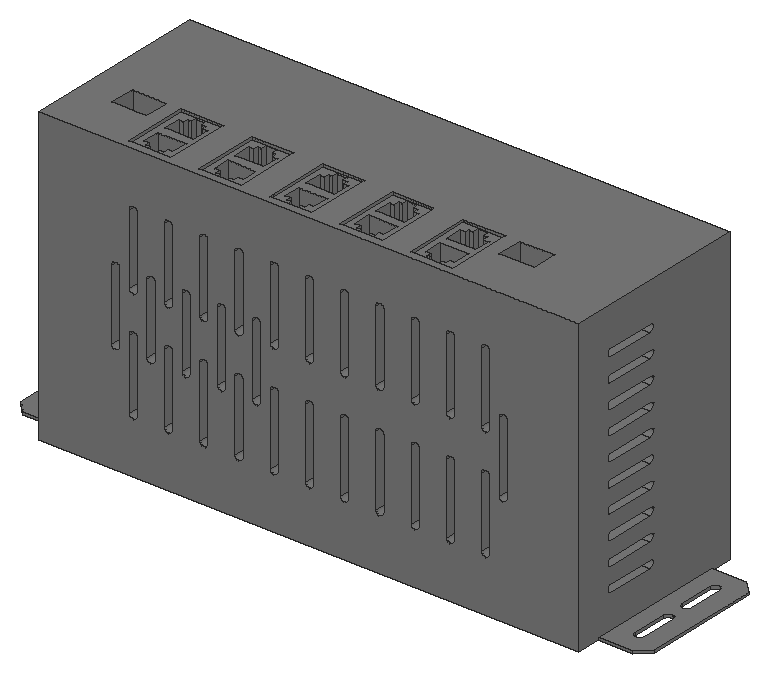
Revit family "БКМ10П_RV17_LOD400 (05.11.23)", category Электрооборудование, Revit 2017
Family settings
  Конфигурация панели = Два столбца, слева направо
  Размер круглого соединителя = Использовать диаметр
  Тип детали = Щит
  На основе рабочей плоскости = Да
  Всегда вертикально = Нет
  При загрузке вырезать с полостями = Нет
  Общий = Нет
  Точка расчета площади = Нет
Parameters (values of type "БКМ10П")
  Тип разъема = "2xLC"
  Тип кабеля = "SМ 9/125 μm"
  Суммарная мощность подключаемых устройств по РоЕ, Вт = 251
  Стандарт РоЕ = "IEEE 802.3 af/at"
  Смещение_УГО_Y [instance] = 0 mm
  Смещение_УГО_X [instance] = 0 mm
  Скорость передачи данных, Мбит/с SFP (оптический порт) = 1000
  Скорость передачи данных, Мбит/с Ethernet (8P8C) = "10/100/1000"
  Расстояние передачи данных (информации), дальность действия по оптическому кабелю , м = "до 20000"
  Расстояние передачи данных (информации), дальность действия по кабелю UTP-5e, м = "до 100"
  Раздел проекта [instance] = ""
  Раздел Спецификации [instance] = ""
  Рабочая длина волны, нм = 1310 mm
  Потребляемая мощность, не более, Вт = 350
  Default Elevation = 1219.2 mm
  Напряжение электропитания однофазной сети переменного тока, В /Гц = "180-264 / 47-63"
  Мощность = "25"
  Количество разъемов, шт.  SFP = 2
  Количество разъемов, шт.  8P8C = 10
  Количество коммутируемых портов Auto MDI/MDIX с поддержкой РоЕ, шт. = 10
  Диапазон рабочих температур, °С = "от – 40 до + 50"
  Время непрерывной работы, ч = "круглосуточно"
  В_Смещение_УГО_Y [instance] = Смещение_УГО_Y + 2000 mm  # 2000 mm
  В_Смещение_УГО_X [instance] = Смещение_УГО_X + 2000 mm  # 2000 mm
  d_короба = 20 mm
  ADSK_Размер_Длина = 270 mm
  ADSK_Размер_Глубина = 125 mm
  ADSK_Размер_Высота = 80 mm
  ADSK_Примечание = ""
  ADSK_Наименование = "Коммутатор БКМ10П"
  ADSK_Масса = 3.5
  ADSK_Марка = "СТВФ.426471.185"
  ADSK_Количество = 1
  ADSK_Завод-изготовитель = "ООО «Основа Безопасности»"  # constant formula
  ADSK_Единица измерения = "шт."  # constant formula
  ADSK_URL страницы изделия = "https://stilsoft.ru/products/bkm10p"
  ADSK_URL документации изделия = ""
Reference planes
  plane 1 "По центру (Вперед/Назад)": y = 0
  plane 2: z = 0
  plane 3 "По центру (Влево/Вправо)": x = 0
  plane 4: y = 2000
  plane 5: x = -2000
  plane 6: x = 0
  plane 7: y = 0
  plane 8: x = 135
  plane 9: x = -135
  plane 10: x = 115
  plane 11 "2": x = -115
Forms (mm)
  Extrusion 1, solid, material "По умолчанию", detail levels medium+fine
    sketch origin (0, 40.193, 0) x (0, -1, 0) y (1, 0, 0)
      loop
        line (80, -115) -> (80, 115) -> (0, 115) -> (0, -115) -> (80, -115)
    from 0 to 125
  Extrusion 2, solid, material "По умолчанию", detail levels medium+fine
    sketch origin (0, 40.193, 0) x (0, -1, 0) y (1, 0, 0)
      loop
        line (15, -135) -> (65, -135) -> (70, -130) -> (70, -115) -> (10, -115) -> (10, -130) -> (15, -135)
      loop
        line (45, -127) -> (60, -127)
        arc (60, -127) -> (62.1, -124.9) -> (60, -122.8) r 2.1
        line (60, -122.8) -> (45, -122.8)
        arc (45, -122.8) -> (42.9, -124.9) -> (45, -127) r 2.1
      loop
        arc (35, -127) -> (37.1, -124.9) -> (35, -122.8) r 2.1
        line (35, -122.8) -> (20, -122.8)
        arc (20, -122.8) -> (17.9, -124.9) -> (20, -127) r 2.1
        line (20, -127) -> (35, -127)
      loop
        line (15, 135) -> (10, 130) -> (10, 115) -> (70, 115) -> (70, 130) -> (65, 135) -> (15, 135)
      loop
        arc (45, 127) -> (42.9, 124.9) -> (45, 122.8) r 2.1
        line (45, 122.8) -> (60, 122.8)
        arc (60, 122.8) -> (62.1, 124.9) -> (60, 127) r 2.1
        line (60, 127) -> (45, 127)
      loop
        line (35, 127) -> (20, 127)
        arc (20, 127) -> (17.9, 124.9) -> (20, 122.8) r 2.1
        line (20, 122.8) -> (35, 122.8)
        arc (35, 122.8) -> (37.1, 124.9) -> (35, 127) r 2.1
    from 0 to 1
  Extrusion 3, void
    sketch origin (-20, 40.193, 0) x (1, 0, 0) y (0, 0, 1)
      loop
        arc (-84, 47.5) -> (-82.237, 45.737) -> (-80.474, 47.5) r 1.763
        line (-80.474, 47.5) -> (-80.474, 77.5)
        arc (-80.474, 77.5) -> (-82.237, 79.263) -> (-84, 77.5) r 1.763
        line (-84, 77.5) -> (-84, 47.5)
    from 0 to 15
  Extrusion 4, void
    sketch origin (-20, 40.193, 0) x (1, 0, 0) y (0, 0, 1)
      loop
        arc (-69, 47.5) -> (-67.237, 45.737) -> (-65.474, 47.5) r 1.763
        line (-65.474, 47.5) -> (-65.474, 77.5)
        arc (-65.474, 77.5) -> (-67.237, 79.263) -> (-69, 77.5) r 1.763
        line (-69, 77.5) -> (-69, 47.5)
    from 0 to 15
  Extrusion 5, void
    sketch origin (-20, 40.193, 0) x (1, 0, 0) y (0, 0, 1)
      loop
        arc (-54, 47.5) -> (-52.237, 45.737) -> (-50.474, 47.5) r 1.763
        line (-50.474, 47.5) -> (-50.474, 77.5)
        arc (-50.474, 77.5) -> (-52.237, 79.263) -> (-54, 77.5) r 1.763
        line (-54, 77.5) -> (-54, 47.5)
    from 0 to 15
  Extrusion 6, void
    sketch origin (-20, 40.193, 0) x (1, 0, 0) y (0, 0, 1)
      loop
        arc (-39, 47.5) -> (-37.237, 45.737) -> (-35.474, 47.5) r 1.763
        line (-35.474, 47.5) -> (-35.474, 77.5)
        arc (-35.474, 77.5) -> (-37.237, 79.263) -> (-39, 77.5) r 1.763
        line (-39, 77.5) -> (-39, 47.5)
    from 0 to 15
  Extrusion 7, void
    sketch origin (-20, 40.193, 0) x (1, 0, 0) y (0, 0, 1)
      loop
        arc (-24, 47.5) -> (-22.237, 45.737) -> (-20.474, 47.5) r 1.763
        line (-20.474, 47.5) -> (-20.474, 77.5)
        arc (-20.474, 77.5) -> (-22.237, 79.263) -> (-24, 77.5) r 1.763
        line (-24, 77.5) -> (-24, 47.5)
    from 0 to 15
  Extrusion 8, void
    sketch origin (75, 39.807, 77.25) x (-1, 0, 0) y (0, 0, 1)
      loop
        line (84, -29.75) -> (84, 0.25)
        arc (84, 0.25) -> (82.237, 2.013) -> (80.474, 0.25) r 1.763
        line (80.474, 0.25) -> (80.474, -29.75)
        arc (80.474, -29.75) -> (82.237, -31.513) -> (84, -29.75) r 1.763
    from 0 to -15
  Extrusion 9, void
    sketch origin (90, 39.807, 77.25) x (-1, 0, 0) y (0, 0, 1)
      loop
        line (84, -29.75) -> (84, 0.25)
        arc (84, 0.25) -> (82.237, 2.013) -> (80.474, 0.25) r 1.763
        line (80.474, 0.25) -> (80.474, -29.75)
        arc (80.474, -29.75) -> (82.237, -31.513) -> (84, -29.75) r 1.763
    from 0 to -15
  Extrusion 10, void
    sketch origin (105, 39.807, 77.25) x (-1, 0, 0) y (0, 0, 1)
      loop
        line (84, -29.75) -> (84, 0.25)
        arc (84, 0.25) -> (82.237, 2.013) -> (80.474, 0.25) r 1.763
        line (80.474, 0.25) -> (80.474, -29.75)
        arc (80.474, -29.75) -> (82.237, -31.513) -> (84, -29.75) r 1.763
    from 0 to -15
  Extrusion 11, void
    sketch origin (120, 39.807, 77.25) x (-1, 0, 0) y (0, 0, 1)
      loop
        line (84, -29.75) -> (84, 0.25)
        arc (84, 0.25) -> (82.237, 2.013) -> (80.474, 0.25) r 1.763
        line (80.474, 0.25) -> (80.474, -29.75)
        arc (80.474, -29.75) -> (82.237, -31.513) -> (84, -29.75) r 1.763
    from 0 to -15
  Extrusion 12, void
    sketch origin (135, 39.807, 77.25) x (-1, 0, 0) y (0, 0, 1)
      loop
        line (84, -29.75) -> (84, 0.25)
        arc (84, 0.25) -> (82.237, 2.013) -> (80.474, 0.25) r 1.763
        line (80.474, 0.25) -> (80.474, -29.75)
        arc (80.474, -29.75) -> (82.237, -31.513) -> (84, -29.75) r 1.763
    from 0 to -15
  Extrusion 13, void
    sketch origin (150, 39.807, 77.25) x (-1, 0, 0) y (0, 0, 1)
      loop
        line (84, -29.75) -> (84, 0.25)
        arc (84, 0.25) -> (82.237, 2.013) -> (80.474, 0.25) r 1.763
        line (80.474, 0.25) -> (80.474, -29.75)
        arc (80.474, -29.75) -> (82.237, -31.513) -> (84, -29.75) r 1.763
    from 0 to -15
  Extrusion 14, void
    sketch origin (165, -39.807, 0) x (-1, 0, 0) y (0, 0, -1)
      loop
        arc (84, -47.5) -> (82.237, -45.737) -> (80.474, -47.5) r 1.763
        line (80.474, -47.5) -> (80.474, -77.5)
        arc (80.474, -77.5) -> (82.237, -79.263) -> (84, -77.5) r 1.763
        line (84, -77.5) -> (84, -47.5)
    from 0 to -15
  Extrusion 15, void
    sketch origin (-20, 40.193, 0) x (1, 0, 0) y (0, 0, 1)
      loop
        line (-76.5, 53.625) -> (-76.5, 23.625)
        arc (-76.5, 23.625) -> (-74.737, 21.862) -> (-72.974, 23.625) r 1.763
        line (-72.974, 23.625) -> (-72.974, 53.625)
        arc (-72.974, 53.625) -> (-74.737, 55.388) -> (-76.5, 53.625) r 1.763
    from 0 to 15
  Extrusion 16, void, not visible
    sketch origin (0, 77.25, 0.385) x (0, 1, 0) y (-1, 0, 0)
      loop
        arc (-29.75, 84) -> (-31.513, 82.237) -> (-29.75, 80.474) r 1.763
        line (-29.75, 80.474) -> (0.25, 80.474)
        arc (0.25, 80.474) -> (2.013, 82.237) -> (0.25, 84) r 1.763
        line (0.25, 84) -> (-29.75, 84)
    from 0 to -15
  Extrusion 17, void
    sketch origin (-20, 40.193, 0) x (1, 0, 0) y (0, 0, 1)
      loop
        line (-61.5, 53.625) -> (-61.5, 23.625)
        arc (-61.5, 23.625) -> (-59.737, 21.862) -> (-57.974, 23.625) r 1.763
        line (-57.974, 23.625) -> (-57.974, 53.625)
        arc (-57.974, 53.625) -> (-59.737, 55.388) -> (-61.5, 53.625) r 1.763
    from 0 to 15
  Extrusion 18, void
    sketch origin (-20, 40.193, 0) x (1, 0, 0) y (0, 0, 1)
      loop
        line (-46.5, 53.625) -> (-46.5, 23.625)
        arc (-46.5, 23.625) -> (-44.737, 21.862) -> (-42.974, 23.625) r 1.763
        line (-42.974, 23.625) -> (-42.974, 53.625)
        arc (-42.974, 53.625) -> (-44.737, 55.388) -> (-46.5, 53.625) r 1.763
    from 0 to 15
  Extrusion 19, void
    sketch origin (-20, 40.193, 0) x (1, 0, 0) y (0, 0, 1)
      loop
        line (-31.5, 53.625) -> (-31.5, 23.625)
        arc (-31.5, 23.625) -> (-29.737, 21.862) -> (-27.974, 23.625) r 1.763
        line (-27.974, 23.625) -> (-27.974, 53.625)
        arc (-27.974, 53.625) -> (-29.737, 55.388) -> (-31.5, 53.625) r 1.763
    from 0 to 15
  Extrusion 20, void
    sketch origin (67.5, -39.807, 23.875) x (-1, 0, 0) y (0, 0, -1)
      loop
        arc (84, -47.5) -> (82.237, -45.737) -> (80.474, -47.5) r 1.763
        line (80.474, -47.5) -> (80.474, -77.5)
        arc (80.474, -77.5) -> (82.237, -79.263) -> (84, -77.5) r 1.763
        line (84, -77.5) -> (84, -47.5)
    from 0 to -15
  Extrusion 21, void
    sketch origin (67.5, -39.807, 23.875) x (-1, 0, 0) y (0, 0, -1)
      loop
        line (84, -29.75) -> (84, 0.25)
        arc (84, 0.25) -> (82.237, 2.013) -> (80.474, 0.25) r 1.763
        line (80.474, 0.25) -> (80.474, -29.75)
        arc (80.474, -29.75) -> (82.237, -31.513) -> (84, -29.75) r 1.763
    from 0 to -15
  Extrusion 22, void
    sketch origin (82.5, -39.807, 23.875) x (-1, 0, 0) y (0, 0, -1)
      loop
        arc (84, -47.5) -> (82.237, -45.737) -> (80.474, -47.5) r 1.763
        line (80.474, -47.5) -> (80.474, -77.5)
        arc (80.474, -77.5) -> (82.237, -79.263) -> (84, -77.5) r 1.763
        line (84, -77.5) -> (84, -47.5)
    from 0 to -15
  Extrusion 23, void
    sketch origin (82.5, -39.807, 23.875) x (-1, 0, 0) y (0, 0, -1)
      loop
        line (84, -29.75) -> (84, 0.25)
        arc (84, 0.25) -> (82.237, 2.013) -> (80.474, 0.25) r 1.763
        line (80.474, 0.25) -> (80.474, -29.75)
        arc (80.474, -29.75) -> (82.237, -31.513) -> (84, -29.75) r 1.763
    from 0 to -15
  Extrusion 24, void
    sketch origin (97.5, -39.807, 23.875) x (-1, 0, 0) y (0, 0, -1)
      loop
        arc (84, -47.5) -> (82.237, -45.737) -> (80.474, -47.5) r 1.763
        line (80.474, -47.5) -> (80.474, -77.5)
        arc (80.474, -77.5) -> (82.237, -79.263) -> (84, -77.5) r 1.763
        line (84, -77.5) -> (84, -47.5)
    from 0 to -15
  Extrusion 25, void
    sketch origin (97.5, -39.807, 23.875) x (-1, 0, 0) y (0, 0, -1)
      loop
        line (84, -29.75) -> (84, 0.25)
        arc (84, 0.25) -> (82.237, 2.013) -> (80.474, 0.25) r 1.763
        line (80.474, 0.25) -> (80.474, -29.75)
        arc (80.474, -29.75) -> (82.237, -31.513) -> (84, -29.75) r 1.763
    from 0 to -15
  Extrusion 26, void
    sketch origin (112.5, -39.807, 23.875) x (-1, 0, 0) y (0, 0, -1)
      loop
        arc (84, -47.5) -> (82.237, -45.737) -> (80.474, -47.5) r 1.763
        line (80.474, -47.5) -> (80.474, -77.5)
        arc (80.474, -77.5) -> (82.237, -79.263) -> (84, -77.5) r 1.763
        line (84, -77.5) -> (84, -47.5)
    from 0 to -15
  Extrusion 27, void
    sketch origin (112.5, -39.807, 23.875) x (-1, 0, 0) y (0, 0, -1)
      loop
        line (84, -29.75) -> (84, 0.25)
        arc (84, 0.25) -> (82.237, 2.013) -> (80.474, 0.25) r 1.763
        line (80.474, 0.25) -> (80.474, -29.75)
        arc (80.474, -29.75) -> (82.237, -31.513) -> (84, -29.75) r 1.763
    from 0 to -15
  Extrusion 28, void
    sketch origin (127.5, -39.807, 23.875) x (-1, 0, 0) y (0, 0, -1)
      loop
        arc (84, -47.5) -> (82.237, -45.737) -> (80.474, -47.5) r 1.763
        line (80.474, -47.5) -> (80.474, -77.5)
        arc (80.474, -77.5) -> (82.237, -79.263) -> (84, -77.5) r 1.763
        line (84, -77.5) -> (84, -47.5)
    from 0 to -15
  Extrusion 29, void
    sketch origin (127.5, -39.807, 23.875) x (-1, 0, 0) y (0, 0, -1)
      loop
        line (84, -29.75) -> (84, 0.25)
        arc (84, 0.25) -> (82.237, 2.013) -> (80.474, 0.25) r 1.763
        line (80.474, 0.25) -> (80.474, -29.75)
        arc (80.474, -29.75) -> (82.237, -31.513) -> (84, -29.75) r 1.763
    from 0 to -15
  Extrusion 30, void
    sketch origin (142.5, -39.807, 23.875) x (-1, 0, 0) y (0, 0, -1)
      loop
        arc (84, -47.5) -> (82.237, -45.737) -> (80.474, -47.5) r 1.763
        line (80.474, -47.5) -> (80.474, -77.5)
        arc (80.474, -77.5) -> (82.237, -79.263) -> (84, -77.5) r 1.763
        line (84, -77.5) -> (84, -47.5)
    from 0 to -15
  Extrusion 31, void
    sketch origin (142.5, -39.807, 23.875) x (-1, 0, 0) y (0, 0, -1)
      loop
        line (84, -29.75) -> (84, 0.25)
        arc (84, 0.25) -> (82.237, 2.013) -> (80.474, 0.25) r 1.763
        line (80.474, 0.25) -> (80.474, -29.75)
        arc (80.474, -29.75) -> (82.237, -31.513) -> (84, -29.75) r 1.763
    from 0 to -15
  Extrusion 32, void
    sketch origin (157.5, -39.807, 23.875) x (-1, 0, 0) y (0, 0, -1)
      loop
        arc (84, -47.5) -> (82.237, -45.737) -> (80.474, -47.5) r 1.763
        line (80.474, -47.5) -> (80.474, -77.5)
        arc (80.474, -77.5) -> (82.237, -79.263) -> (84, -77.5) r 1.763
        line (84, -77.5) -> (84, -47.5)
    from 0 to -15
  Extrusion 33, void
    sketch origin (157.5, -39.807, 23.875) x (-1, 0, 0) y (0, 0, -1)
      loop
        line (84, -29.75) -> (84, 0.25)
        arc (84, 0.25) -> (82.237, 2.013) -> (80.474, 0.25) r 1.763
        line (80.474, 0.25) -> (80.474, -29.75)
        arc (80.474, -29.75) -> (82.237, -31.513) -> (84, -29.75) r 1.763
    from 0 to -15
  Extrusion 34, void
    sketch origin (0, -39.807, 0) x (-1, 0, 0) y (0, 0, -1)
      loop
        arc (84, -47.5) -> (82.237, -45.737) -> (80.474, -47.5) r 1.763
        line (80.474, -47.5) -> (80.474, -77.5)
        arc (80.474, -77.5) -> (82.237, -79.263) -> (84, -77.5) r 1.763
        line (84, -77.5) -> (84, -47.5)
    from 0 to -15
  Extrusion 35, void
    sketch origin (0, -39.807, 0) x (1, 0, 0) y (0, 0, 1)
      loop
        arc (-69, 47.5) -> (-67.237, 45.737) -> (-65.474, 47.5) r 1.763
        line (-65.474, 47.5) -> (-65.474, 77.5)
        arc (-65.474, 77.5) -> (-67.237, 79.263) -> (-69, 77.5) r 1.763
        line (-69, 77.5) -> (-69, 47.5)
    from 0 to -15
  Extrusion 36, void
    sketch origin (0, -39.807, 0) x (1, 0, 0) y (0, 0, 1)
      loop
        arc (-54, 47.5) -> (-52.237, 45.737) -> (-50.474, 47.5) r 1.763
        line (-50.474, 47.5) -> (-50.474, 77.5)
        arc (-50.474, 77.5) -> (-52.237, 79.263) -> (-54, 77.5) r 1.763
        line (-54, 77.5) -> (-54, 47.5)
    from 0 to -15
  Extrusion 37, void
    sketch origin (0, -39.807, 0) x (1, 0, 0) y (0, 0, 1)
      loop
        arc (-39, 47.5) -> (-37.237, 45.737) -> (-35.474, 47.5) r 1.763
        line (-35.474, 47.5) -> (-35.474, 77.5)
        arc (-35.474, 77.5) -> (-37.237, 79.263) -> (-39, 77.5) r 1.763
        line (-39, 77.5) -> (-39, 47.5)
    from 0 to -15
  Extrusion 38, void
    sketch origin (0, -39.807, 0) x (1, 0, 0) y (0, 0, 1)
      loop
        arc (-24, 47.5) -> (-22.237, 45.737) -> (-20.474, 47.5) r 1.763
        line (-20.474, 47.5) -> (-20.474, 77.5)
        arc (-20.474, 77.5) -> (-22.237, 79.263) -> (-24, 77.5) r 1.763
        line (-24, 77.5) -> (-24, 47.5)
    from 0 to -15
  Extrusion 39, void
    sketch origin (0, -39.807, 0) x (1, 0, 0) y (0, 0, 1)
      loop
        arc (-76.5, 71.375) -> (-74.737, 69.612) -> (-72.974, 71.375) r 1.763
        line (-72.974, 71.375) -> (-72.974, 101.375)
        arc (-72.974, 101.375) -> (-74.737, 103.138) -> (-76.5, 101.375) r 1.763
        line (-76.5, 101.375) -> (-76.5, 71.375)
    from 0 to -15
  Extrusion 40, void
    sketch origin (0, -39.807, 0) x (1, 0, 0) y (0, 0, 1)
      loop
        line (-76.5, 53.625) -> (-76.5, 23.625)
        arc (-76.5, 23.625) -> (-74.737, 21.862) -> (-72.974, 23.625) r 1.763
        line (-72.974, 23.625) -> (-72.974, 53.625)
        arc (-72.974, 53.625) -> (-74.737, 55.388) -> (-76.5, 53.625) r 1.763
    from 0 to -15
  Extrusion 41, void
    sketch origin (0, -39.807, 0) x (1, 0, 0) y (0, 0, 1)
      loop
        arc (-61.5, 71.375) -> (-59.737, 69.612) -> (-57.974, 71.375) r 1.763
        line (-57.974, 71.375) -> (-57.974, 101.375)
        arc (-57.974, 101.375) -> (-59.737, 103.138) -> (-61.5, 101.375) r 1.763
        line (-61.5, 101.375) -> (-61.5, 71.375)
    from 0 to -15
  Extrusion 42, void
    sketch origin (0, -39.807, 0) x (1, 0, 0) y (0, 0, 1)
      loop
        line (-61.5, 53.625) -> (-61.5, 23.625)
        arc (-61.5, 23.625) -> (-59.737, 21.862) -> (-57.974, 23.625) r 1.763
        line (-57.974, 23.625) -> (-57.974, 53.625)
        arc (-57.974, 53.625) -> (-59.737, 55.388) -> (-61.5, 53.625) r 1.763
    from 0 to -15
  Extrusion 43, void
    sketch origin (0, -39.807, 0) x (1, 0, 0) y (0, 0, 1)
      loop
        arc (-46.5, 71.375) -> (-44.737, 69.612) -> (-42.974, 71.375) r 1.763
        line (-42.974, 71.375) -> (-42.974, 101.375)
        arc (-42.974, 101.375) -> (-44.737, 103.138) -> (-46.5, 101.375) r 1.763
        line (-46.5, 101.375) -> (-46.5, 71.375)
    from 0 to -15
  Extrusion 44, void
    sketch origin (0, -39.807, 0) x (1, 0, 0) y (0, 0, 1)
      loop
        line (-46.5, 53.625) -> (-46.5, 23.625)
        arc (-46.5, 23.625) -> (-44.737, 21.862) -> (-42.974, 23.625) r 1.763
        line (-42.974, 23.625) -> (-42.974, 53.625)
        arc (-42.974, 53.625) -> (-44.737, 55.388) -> (-46.5, 53.625) r 1.763
    from 0 to -15
  Extrusion 45, void
    sketch origin (0, -39.807, 0) x (1, 0, 0) y (0, 0, 1)
      loop
        arc (-31.5, 71.375) -> (-29.737, 69.612) -> (-27.974, 71.375) r 1.763
        line (-27.974, 71.375) -> (-27.974, 101.375)
        arc (-27.974, 101.375) -> (-29.737, 103.138) -> (-31.5, 101.375) r 1.763
        line (-31.5, 101.375) -> (-31.5, 71.375)
    from 0 to -15
  Extrusion 46, void
    sketch origin (0, -39.807, 0) x (1, 0, 0) y (0, 0, 1)
      loop
        line (-31.5, 53.625) -> (-31.5, 23.625)
        arc (-31.5, 23.625) -> (-29.737, 21.862) -> (-27.974, 23.625) r 1.763
        line (-27.974, 23.625) -> (-27.974, 53.625)
        arc (-27.974, 53.625) -> (-29.737, 55.388) -> (-31.5, 53.625) r 1.763
    from 0 to -15
  Extrusion 47, void
    sketch origin (-20, 40.193, 125) x (1, 0, 0) y (0, 0, 1)
      loop
        arc (-76.5, -53.625) -> (-74.737, -55.388) -> (-72.974, -53.625) r 1.763
        line (-72.974, -53.625) -> (-72.974, -23.625)
        arc (-72.974, -23.625) -> (-74.737, -21.862) -> (-76.5, -23.625) r 1.763
        line (-76.5, -23.625) -> (-76.5, -53.625)
    from 0 to 15
  Extrusion 48, void
    sketch origin (-20, 40.193, 125) x (1, 0, 0) y (0, 0, 1)
      loop
        arc (-61.5, -53.625) -> (-59.737, -55.388) -> (-57.974, -53.625) r 1.763
        line (-57.974, -53.625) -> (-57.974, -23.625)
        arc (-57.974, -23.625) -> (-59.737, -21.862) -> (-61.5, -23.625) r 1.763
        line (-61.5, -23.625) -> (-61.5, -53.625)
    from 0 to 15
  Extrusion 49, void
    sketch origin (-20, 40.193, 125) x (1, 0, 0) y (0, 0, 1)
      loop
        arc (-46.5, -53.625) -> (-44.737, -55.388) -> (-42.974, -53.625) r 1.763
        line (-42.974, -53.625) -> (-42.974, -23.625)
        arc (-42.974, -23.625) -> (-44.737, -21.862) -> (-46.5, -23.625) r 1.763
        line (-46.5, -23.625) -> (-46.5, -53.625)
    from 0 to 15
  Extrusion 50, void
    sketch origin (-20, 40.193, 125) x (1, 0, 0) y (0, 0, 1)
      loop
        arc (-31.5, -53.625) -> (-29.737, -55.388) -> (-27.974, -53.625) r 1.763
        line (-27.974, -53.625) -> (-27.974, -23.625)
        arc (-27.974, -23.625) -> (-29.737, -21.862) -> (-31.5, -23.625) r 1.763
        line (-31.5, -23.625) -> (-31.5, -53.625)
    from 0 to 15
  Extrusion 51, void
    sketch origin (108.447, 40.193, -3.92) x (1, 0, 0) y (0, 0, 1)
      loop
        line (-31.039, 53.625) -> (-31.039, 29.974)
        arc (-31.039, 29.974) -> (-29.45, 28.385) -> (-27.861, 29.974) r 1.589
        line (-27.861, 29.974) -> (-27.861, 53.625)
        arc (-27.861, 53.625) -> (-29.45, 55.214) -> (-31.039, 53.625) r 1.589
    from 0 to 15
  Extrusion 52, void
    sketch origin (108.447, 40.193, 128.92) x (1, 0, 0) y (0, 0, 1)
      loop
        arc (-31.039, -53.625) -> (-29.45, -55.214) -> (-27.861, -53.625) r 1.589
        line (-27.861, -53.625) -> (-27.861, -29.974)
        arc (-27.861, -29.974) -> (-29.45, -28.385) -> (-31.039, -29.974) r 1.589
        line (-31.039, -29.974) -> (-31.039, -53.625)
    from 0 to 15
  Extrusion 53, void
    sketch origin (98.447, 40.193, -3.92) x (1, 0, 0) y (0, 0, 1)
      loop
        line (-31.039, 53.625) -> (-31.039, 29.974)
        arc (-31.039, 29.974) -> (-29.45, 28.385) -> (-27.861, 29.974) r 1.589
        line (-27.861, 29.974) -> (-27.861, 53.625)
        arc (-27.861, 53.625) -> (-29.45, 55.214) -> (-31.039, 53.625) r 1.589
    from 0 to 15
  Extrusion 54, void
    sketch origin (98.447, 40.193, 128.92) x (1, 0, 0) y (0, 0, 1)
      loop
        arc (-31.039, -53.625) -> (-29.45, -55.214) -> (-27.861, -53.625) r 1.589
        line (-27.861, -53.625) -> (-27.861, -29.974)
        arc (-27.861, -29.974) -> (-29.45, -28.385) -> (-31.039, -29.974) r 1.589
        line (-31.039, -29.974) -> (-31.039, -53.625)
    from 0 to 15
  Extrusion 55, void
    sketch origin (88.447, 40.193, -3.92) x (1, 0, 0) y (0, 0, 1)
      loop
        line (-31.039, 53.625) -> (-31.039, 29.974)
        arc (-31.039, 29.974) -> (-29.45, 28.385) -> (-27.861, 29.974) r 1.589
        line (-27.861, 29.974) -> (-27.861, 53.625)
        arc (-27.861, 53.625) -> (-29.45, 55.214) -> (-31.039, 53.625) r 1.589
    from 0 to 15
  Extrusion 56, void
    sketch origin (88.447, 40.193, 128.92) x (1, 0, 0) y (0, 0, 1)
      loop
        arc (-31.039, -53.625) -> (-29.45, -55.214) -> (-27.861, -53.625) r 1.589
        line (-27.861, -53.625) -> (-27.861, -29.974)
        arc (-27.861, -29.974) -> (-29.45, -28.385) -> (-31.039, -29.974) r 1.589
        line (-31.039, -29.974) -> (-31.039, -53.625)
    from 0 to 15
  Extrusion 57, void
    sketch origin (-115, -40, -180) x (0, -1, 0) y (0, 0, 1)
      loop
        arc (-16.897, 195) -> (-15.147, 196.75) -> (-16.897, 198.5) r 1.75
        line (-16.897, 198.5) -> (-38.057, 198.5)
        arc (-38.057, 198.5) -> (-39.807, 196.75) -> (-38.057, 195) r 1.75
        line (-38.057, 195) -> (-16.897, 195)
    from 0 to -15
  Extrusion 58, void
    sketch origin (-115, -40, -170) x (0, -1, 0) y (0, 0, 1)
      loop
        arc (-16.897, 195) -> (-15.147, 196.75) -> (-16.897, 198.5) r 1.75
        line (-16.897, 198.5) -> (-38.057, 198.5)
        arc (-38.057, 198.5) -> (-39.807, 196.75) -> (-38.057, 195) r 1.75
        line (-38.057, 195) -> (-16.897, 195)
    from 0 to -15
  Extrusion 59, void
    sketch origin (-115, -40, -160) x (0, -1, 0) y (0, 0, 1)
      loop
        arc (-16.897, 195) -> (-15.147, 196.75) -> (-16.897, 198.5) r 1.75
        line (-16.897, 198.5) -> (-38.057, 198.5)
        arc (-38.057, 198.5) -> (-39.807, 196.75) -> (-38.057, 195) r 1.75
        line (-38.057, 195) -> (-16.897, 195)
    from 0 to -15
  Extrusion 60, void
    sketch origin (-115, -40, -150) x (0, -1, 0) y (0, 0, 1)
      loop
        arc (-16.897, 195) -> (-15.147, 196.75) -> (-16.897, 198.5) r 1.75
        line (-16.897, 198.5) -> (-38.057, 198.5)
        arc (-38.057, 198.5) -> (-39.807, 196.75) -> (-38.057, 195) r 1.75
        line (-38.057, 195) -> (-16.897, 195)
    from 0 to -15
  Extrusion 61, void
    sketch origin (-115, -40, -140) x (0, -1, 0) y (0, 0, 1)
      loop
        arc (-16.897, 195) -> (-15.147, 196.75) -> (-16.897, 198.5) r 1.75
        line (-16.897, 198.5) -> (-38.057, 198.5)
        arc (-38.057, 198.5) -> (-39.807, 196.75) -> (-38.057, 195) r 1.75
        line (-38.057, 195) -> (-16.897, 195)
    from 0 to -15
  Extrusion 62, void
    sketch origin (-115, -40, -130) x (0, -1, 0) y (0, 0, 1)
      loop
        arc (-16.897, 195) -> (-15.147, 196.75) -> (-16.897, 198.5) r 1.75
        line (-16.897, 198.5) -> (-38.057, 198.5)
        arc (-38.057, 198.5) -> (-39.807, 196.75) -> (-38.057, 195) r 1.75
        line (-38.057, 195) -> (-16.897, 195)
    from 0 to -15
  Extrusion 63, void
    sketch origin (-115, -40, -120) x (0, -1, 0) y (0, 0, 1)
      loop
        arc (-16.897, 195) -> (-15.147, 196.75) -> (-16.897, 198.5) r 1.75
        line (-16.897, 198.5) -> (-38.057, 198.5)
        arc (-38.057, 198.5) -> (-39.807, 196.75) -> (-38.057, 195) r 1.75
        line (-38.057, 195) -> (-16.897, 195)
    from 0 to -15
  Extrusion 64, void
    sketch origin (-115, -40, -110) x (0, -1, 0) y (0, 0, 1)
      loop
        arc (-16.897, 195) -> (-15.147, 196.75) -> (-16.897, 198.5) r 1.75
        line (-16.897, 198.5) -> (-38.057, 198.5)
        arc (-38.057, 198.5) -> (-39.807, 196.75) -> (-38.057, 195) r 1.75
        line (-38.057, 195) -> (-16.897, 195)
    from 0 to -15
  Extrusion 65, void
    sketch origin (-115, -40, -100) x (0, -1, 0) y (0, 0, 1)
      loop
        arc (-16.897, 195) -> (-15.147, 196.75) -> (-16.897, 198.5) r 1.75
        line (-16.897, 198.5) -> (-38.057, 198.5)
        arc (-38.057, 198.5) -> (-39.807, 196.75) -> (-38.057, 195) r 1.75
        line (-38.057, 195) -> (-16.897, 195)
    from 0 to -15
  Extrusion 66, void
    sketch origin (-115, -40, -90) x (0, -1, 0) y (0, 0, 1)
      loop
        arc (-16.897, 195) -> (-15.147, 196.75) -> (-16.897, 198.5) r 1.75
        line (-16.897, 198.5) -> (-38.057, 198.5)
        arc (-38.057, 198.5) -> (-39.807, 196.75) -> (-38.057, 195) r 1.75
        line (-38.057, 195) -> (-16.897, 195)
    from 0 to -15
  Extrusion 67, void
    sketch origin (115, 40, -180) x (0, 1, 0) y (0, 0, 1)
      loop
        line (-63.103, 195) -> (-41.943, 195)
        arc (-41.943, 195) -> (-40.193, 196.75) -> (-41.943, 198.5) r 1.75
        line (-41.943, 198.5) -> (-63.103, 198.5)
        arc (-63.103, 198.5) -> (-64.853, 196.75) -> (-63.103, 195) r 1.75
    from 0 to -15
  Extrusion 68, void
    sketch origin (115, 40, -170) x (0, 1, 0) y (0, 0, 1)
      loop
        line (-63.103, 195) -> (-41.943, 195)
        arc (-41.943, 195) -> (-40.193, 196.75) -> (-41.943, 198.5) r 1.75
        line (-41.943, 198.5) -> (-63.103, 198.5)
        arc (-63.103, 198.5) -> (-64.853, 196.75) -> (-63.103, 195) r 1.75
    from 0 to -15
  Extrusion 69, void
    sketch origin (115, 40, -160) x (0, 1, 0) y (0, 0, 1)
      loop
        line (-63.103, 195) -> (-41.943, 195)
        arc (-41.943, 195) -> (-40.193, 196.75) -> (-41.943, 198.5) r 1.75
        line (-41.943, 198.5) -> (-63.103, 198.5)
        arc (-63.103, 198.5) -> (-64.853, 196.75) -> (-63.103, 195) r 1.75
    from 0 to -15
  Extrusion 70, void
    sketch origin (115, 40, -150) x (0, 1, 0) y (0, 0, 1)
      loop
        line (-63.103, 195) -> (-41.943, 195)
        arc (-41.943, 195) -> (-40.193, 196.75) -> (-41.943, 198.5) r 1.75
        line (-41.943, 198.5) -> (-63.103, 198.5)
        arc (-63.103, 198.5) -> (-64.853, 196.75) -> (-63.103, 195) r 1.75
    from 0 to -15
  Extrusion 71, void
    sketch origin (115, 40, -140) x (0, 1, 0) y (0, 0, 1)
      loop
        line (-63.103, 195) -> (-41.943, 195)
        arc (-41.943, 195) -> (-40.193, 196.75) -> (-41.943, 198.5) r 1.75
        line (-41.943, 198.5) -> (-63.103, 198.5)
        arc (-63.103, 198.5) -> (-64.853, 196.75) -> (-63.103, 195) r 1.75
    from 0 to -15
  Extrusion 72, void
    sketch origin (115, 40, -130) x (0, 1, 0) y (0, 0, 1)
      loop
        line (-63.103, 195) -> (-41.943, 195)
        arc (-41.943, 195) -> (-40.193, 196.75) -> (-41.943, 198.5) r 1.75
        line (-41.943, 198.5) -> (-63.103, 198.5)
        arc (-63.103, 198.5) -> (-64.853, 196.75) -> (-63.103, 195) r 1.75
    from 0 to -15
  Extrusion 73, void
    sketch origin (115, 40, -120) x (0, 1, 0) y (0, 0, 1)
      loop
        line (-63.103, 195) -> (-41.943, 195)
        arc (-41.943, 195) -> (-40.193, 196.75) -> (-41.943, 198.5) r 1.75
        line (-41.943, 198.5) -> (-63.103, 198.5)
        arc (-63.103, 198.5) -> (-64.853, 196.75) -> (-63.103, 195) r 1.75
    from 0 to -15
  Extrusion 74, void
    sketch origin (115, 40, -110) x (0, 1, 0) y (0, 0, 1)
      loop
        line (-63.103, 195) -> (-41.943, 195)
        arc (-41.943, 195) -> (-40.193, 196.75) -> (-41.943, 198.5) r 1.75
        line (-41.943, 198.5) -> (-63.103, 198.5)
        arc (-63.103, 198.5) -> (-64.853, 196.75) -> (-63.103, 195) r 1.75
    from 0 to -15
  Extrusion 75, void
    sketch origin (115, 40, -100) x (0, 1, 0) y (0, 0, 1)
      loop
        line (-63.103, 195) -> (-41.943, 195)
        arc (-41.943, 195) -> (-40.193, 196.75) -> (-41.943, 198.5) r 1.75
        line (-41.943, 198.5) -> (-63.103, 198.5)
        arc (-63.103, 198.5) -> (-64.853, 196.75) -> (-63.103, 195) r 1.75
    from 0 to -15
  Extrusion 76, void
    sketch origin (115, 40, -90) x (0, 1, 0) y (0, 0, 1)
      loop
        line (-63.103, 195) -> (-41.943, 195)
        arc (-41.943, 195) -> (-40.193, 196.75) -> (-41.943, 198.5) r 1.75
        line (-41.943, 198.5) -> (-63.103, 198.5)
        arc (-63.103, 198.5) -> (-64.853, 196.75) -> (-63.103, 195) r 1.75
    from 0 to -15
  Extrusion 77, void
    sketch origin (0, 40, 125) x (-1, 0, 0) y (0, -1, 0)
      loop
        line (79.3, 76.738) -> (61.3, 76.738) -> (61.3, 48.738) -> (79.3, 48.738) -> (79.3, 76.738)
    from 0 to -1
  Extrusion 78, void
    sketch origin (0, 40, 125) x (-1, 0, 0) y (0, -1, 0)
      loop
        line (76.669, 64.616) -> (76.669, 71.958) -> (74.454, 71.958) -> (74.454, 73.954) -> (72.688, 73.954) -> (72.688, 76.205) -> (68.271, 76.205) -> (68.271, 73.954) -> (66.505, 73.954) -> (66.505, 71.958) -> (64.289, 71.958) -> (64.289, 64.616) -> (76.669, 64.616)
      loop
        line (76.669, 60.861) -> (64.289, 60.861) -> (64.289, 53.518) -> (66.505, 53.518) -> (66.505, 51.523) -> (68.271, 51.523) -> (68.271, 49.271) -> (72.688, 49.271) -> (72.688, 51.523) -> (74.454, 51.523) -> (74.454, 53.518) -> (76.669, 53.518) -> (76.669, 60.861)
    from -1 to -12
  Extrusion 79, void
    sketch origin (30, 40, 125) x (-1, 0, 0) y (0, -1, 0)
      loop
        line (79.3, 76.738) -> (61.3, 76.738) -> (61.3, 48.738) -> (79.3, 48.738) -> (79.3, 76.738)
    from 0 to -1
  Extrusion 80, void
    sketch origin (30, 40, 125) x (-1, 0, 0) y (0, -1, 0)
      loop
        line (76.669, 64.616) -> (76.669, 71.958) -> (74.454, 71.958) -> (74.454, 73.954) -> (72.688, 73.954) -> (72.688, 76.205) -> (68.271, 76.205) -> (68.271, 73.954) -> (66.505, 73.954) -> (66.505, 71.958) -> (64.289, 71.958) -> (64.289, 64.616) -> (76.669, 64.616)
      loop
        line (76.669, 60.861) -> (64.289, 60.861) -> (64.289, 53.518) -> (66.505, 53.518) -> (66.505, 51.523) -> (68.271, 51.523) -> (68.271, 49.271) -> (72.688, 49.271) -> (72.688, 51.523) -> (74.454, 51.523) -> (74.454, 53.518) -> (76.669, 53.518) -> (76.669, 60.861)
    from -1 to -12
  Extrusion 81, void
    sketch origin (60, 40.193, 125) x (-1, 0, 0) y (0, -1, 0)
      loop
        line (79.3, 76.738) -> (61.3, 76.738) -> (61.3, 48.738) -> (79.3, 48.738) -> (79.3, 76.738)
    from 0 to -1
  Extrusion 82, void
    sketch origin (60, 40.193, 125) x (-1, 0, 0) y (0, -1, 0)
      loop
        line (76.669, 64.616) -> (76.669, 71.958) -> (74.454, 71.958) -> (74.454, 73.954) -> (72.688, 73.954) -> (72.688, 76.205) -> (68.271, 76.205) -> (68.271, 73.954) -> (66.505, 73.954) -> (66.505, 71.958) -> (64.289, 71.958) -> (64.289, 64.616) -> (76.669, 64.616)
      loop
        line (76.669, 60.861) -> (64.289, 60.861) -> (64.289, 53.518) -> (66.505, 53.518) -> (66.505, 51.523) -> (68.271, 51.523) -> (68.271, 49.271) -> (72.688, 49.271) -> (72.688, 51.523) -> (74.454, 51.523) -> (74.454, 53.518) -> (76.669, 53.518) -> (76.669, 60.861)
    from -1 to -12
  Extrusion 83, void
    sketch origin (90, 40, 125) x (-1, 0, 0) y (0, -1, 0)
      loop
        line (79.3, 76.738) -> (61.3, 76.738) -> (61.3, 48.738) -> (79.3, 48.738) -> (79.3, 76.738)
    from 0 to -1
  Extrusion 84, void
    sketch origin (90, 40, 125) x (-1, 0, 0) y (0, -1, 0)
      loop
        line (76.669, 64.616) -> (76.669, 71.958) -> (74.454, 71.958) -> (74.454, 73.954) -> (72.688, 73.954) -> (72.688, 76.205) -> (68.271, 76.205) -> (68.271, 73.954) -> (66.505, 73.954) -> (66.505, 71.958) -> (64.289, 71.958) -> (64.289, 64.616) -> (76.669, 64.616)
      loop
        line (76.669, 60.861) -> (64.289, 60.861) -> (64.289, 53.518) -> (66.505, 53.518) -> (66.505, 51.523) -> (68.271, 51.523) -> (68.271, 49.271) -> (72.688, 49.271) -> (72.688, 51.523) -> (74.454, 51.523) -> (74.454, 53.518) -> (76.669, 53.518) -> (76.669, 60.861)
    from -1 to -12
  Extrusion 85, void
    sketch origin (120, 40, 125) x (-1, 0, 0) y (0, -1, 0)
      loop
        line (79.3, 76.738) -> (61.3, 76.738) -> (61.3, 48.738) -> (79.3, 48.738) -> (79.3, 76.738)
    from 0 to -1
  Extrusion 86, void
    sketch origin (120, 40, 125) x (-1, 0, 0) y (0, -1, 0)
      loop
        line (76.669, 64.616) -> (76.669, 71.958) -> (74.454, 71.958) -> (74.454, 73.954) -> (72.688, 73.954) -> (72.688, 76.205) -> (68.271, 76.205) -> (68.271, 73.954) -> (66.505, 73.954) -> (66.505, 71.958) -> (64.289, 71.958) -> (64.289, 64.616) -> (76.669, 64.616)
      loop
        line (76.669, 60.861) -> (64.289, 60.861) -> (64.289, 53.518) -> (66.505, 53.518) -> (66.505, 51.523) -> (68.271, 51.523) -> (68.271, 49.271) -> (72.688, 49.271) -> (72.688, 51.523) -> (74.454, 51.523) -> (74.454, 53.518) -> (76.669, 53.518) -> (76.669, 60.861)
    from -1 to -12
  Extrusion 87, void
    sketch origin (0, 40.193, 125) x (-1, 0, 0) y (0, -1, 0)
      loop
        line (85.3, 48.738) -> (100.3, 48.738) -> (100.3, 59.738) -> (89.3, 59.738) -> (85.3, 59.738) -> (85.3, 48.738)
    from 0 to -10
  Extrusion 88, void
    sketch origin (-20.6, 40.193, 125) x (1, 0, 0) y (0, 1, 0)
      loop
        line (85.3, -48.738) -> (85.3, -59.738) -> (89.3, -59.738) -> (100.3, -59.738) -> (100.3, -48.738) -> (85.3, -48.738)
    from 0 to -10
Cuts and joins
  Extrusion 3, Extrusion 4, Extrusion 5, Extrusion 6, Extrusion 7, Extrusion 8, Extrusion 9, Extrusion 10, Extrusion 11, Extrusion 12, Extrusion 13, Extrusion 14, Extrusion 15, Extrusion 17, Extrusion 18, Extrusion 19, Extrusion 20, Extrusion 21, Extrusion 22, Extrusion 23, Extrusion 24, Extrusion 25, Extrusion 26, Extrusion 27, Extrusion 28, Extrusion 29, Extrusion 30, Extrusion 31, Extrusion 32, Extrusion 33, Extrusion 34, Extrusion 35, Extrusion 36, Extrusion 37, Extrusion 38, Extrusion 39, Extrusion 40, Extrusion 41, Extrusion 42, Extrusion 43, Extrusion 44, Extrusion 45, Extrusion 46, Extrusion 47, Extrusion 48, Extrusion 49, Extrusion 50, Extrusion 51, Extrusion 52, Extrusion 53, Extrusion 54, Extrusion 55, Extrusion 56, Extrusion 57, Extrusion 58, Extrusion 59, Extrusion 60, Extrusion 61, Extrusion 62, Extrusion 63, Extrusion 64, Extrusion 65, Extrusion 66, Extrusion 67, Extrusion 68, Extrusion 69, Extrusion 70, Extrusion 71, Extrusion 72, Extrusion 73, Extrusion 74, Extrusion 75, Extrusion 76, Extrusion 77, Extrusion 78, Extrusion 79, Extrusion 80, Extrusion 81, Extrusion 82, Extrusion 83, Extrusion 84, Extrusion 85, Extrusion 86, Extrusion 87, Extrusion 88 cuts Extrusion 1
Dimensions and locks
  locked: plane 4 to plane 1 "По центру (Вперед/Назад)" at 2000
  locked: plane 5 to plane 3 "По центру (Влево/Вправо)" at 2000
  "В_Смещение_УГО_X": plane 5 to plane 6
  "В_Смещение_УГО_Y": plane 4 to plane 7
  "ADSK_Размер_Длина": plane 9 to plane 8
  aligned and locked: level to plane 2
  aligned and locked: cut or joined group 1 (Extrusion 1, Extrusion 3, Extrusion 4, Extrusion 5, Extrusion 6, Extrusion 7, Extrusion 8, Extrusion 9, Extrusion 10, Extrusion 11, Extrusion 12, Extrusion 13, Extrusion 14, Extrusion 15, Extrusion 17, Extrusion 18, Extrusion 19, Extrusion 20, Extrusion 21, Extrusion 22, Extrusion 23, Extrusion 24, Extrusion 25, Extrusion 26, Extrusion 27, Extrusion 28, Extrusion 29, Extrusion 30, Extrusion 31, Extrusion 32, Extrusion 33, Extrusion 34, Extrusion 35, Extrusion 36, Extrusion 37, Extrusion 38, Extrusion 39, Extrusion 40, Extrusion 41, Extrusion 42, Extrusion 43, Extrusion 44, Extrusion 45, Extrusion 46, Extrusion 47, Extrusion 48, Extrusion 49, Extrusion 50, Extrusion 51, Extrusion 52, Extrusion 53, Extrusion 54, Extrusion 55, Extrusion 56, Extrusion 57, Extrusion 58, Extrusion 59, Extrusion 60, Extrusion 61, Extrusion 62, Extrusion 63, Extrusion 64, Extrusion 65, Extrusion 66, Extrusion 67, Extrusion 68, Extrusion 69, Extrusion 70, Extrusion 71, Extrusion 72, Extrusion 73, Extrusion 74, Extrusion 75, Extrusion 76, Extrusion 77, Extrusion 78, Extrusion 79, Extrusion 80, Extrusion 81, Extrusion 82, Extrusion 83, Extrusion 84, Extrusion 85, Extrusion 86, Extrusion 87, Extrusion 88) to cut or joined group 1  (x39)
  aligned and locked: Extrusion 2 to cut or joined group 1
Automatic sketch dimensions
  Extrusion 8 sketch curve to Extrusion 8 sketch curve = 1.763 mm
  Extrusion 8 sketch curve to Extrusion 8 sketch curve = 30 mm
  Extrusion 9 sketch curve to Extrusion 9 sketch curve = 1.763 mm
  Extrusion 9 sketch curve to Extrusion 9 sketch curve = 30 mm
  Extrusion 10 sketch curve to Extrusion 10 sketch curve = 1.763 mm
  Extrusion 10 sketch curve to Extrusion 10 sketch curve = 30 mm
  Extrusion 11 sketch curve to Extrusion 11 sketch curve = 1.763 mm
  Extrusion 11 sketch curve to Extrusion 11 sketch curve = 30 mm
  Extrusion 12 sketch curve to Extrusion 12 sketch curve = 1.763 mm
  Extrusion 12 sketch curve to Extrusion 12 sketch curve = 30 mm
  Extrusion 13 sketch curve to Extrusion 13 sketch curve = 1.763 mm
  Extrusion 13 sketch curve to Extrusion 13 sketch curve = 30 mm
  Extrusion 16 sketch curve to Extrusion 16 sketch curve = 1.763 mm
  Extrusion 16 sketch curve to Extrusion 16 sketch curve = 30 mm
  Extrusion 20 sketch curve to Extrusion 20 sketch curve = 1.763 mm
  Extrusion 20 sketch curve to Extrusion 20 sketch curve = 30 mm
  Extrusion 21 sketch curve to Extrusion 21 sketch curve = 1.763 mm
  Extrusion 21 sketch curve to Extrusion 21 sketch curve = 30 mm
  Extrusion 22 sketch curve to Extrusion 22 sketch curve = 1.763 mm
  Extrusion 22 sketch curve to Extrusion 22 sketch curve = 30 mm
  Extrusion 23 sketch curve to Extrusion 23 sketch curve = 1.763 mm
  Extrusion 23 sketch curve to Extrusion 23 sketch curve = 30 mm
  Extrusion 24 sketch curve to Extrusion 24 sketch curve = 1.763 mm
  Extrusion 24 sketch curve to Extrusion 24 sketch curve = 30 mm
  Extrusion 25 sketch curve to Extrusion 25 sketch curve = 1.763 mm
  Extrusion 25 sketch curve to Extrusion 25 sketch curve = 30 mm
  Extrusion 26 sketch curve to Extrusion 26 sketch curve = 1.763 mm
  Extrusion 26 sketch curve to Extrusion 26 sketch curve = 30 mm
  Extrusion 27 sketch curve to Extrusion 27 sketch curve = 1.763 mm
  Extrusion 27 sketch curve to Extrusion 27 sketch curve = 30 mm
  Extrusion 28 sketch curve to Extrusion 28 sketch curve = 1.763 mm
  Extrusion 28 sketch curve to Extrusion 28 sketch curve = 30 mm
  Extrusion 29 sketch curve to Extrusion 29 sketch curve = 1.763 mm
  Extrusion 29 sketch curve to Extrusion 29 sketch curve = 30 mm
  Extrusion 30 sketch curve to Extrusion 30 sketch curve = 1.763 mm
  Extrusion 30 sketch curve to Extrusion 30 sketch curve = 30 mm
  Extrusion 31 sketch curve to Extrusion 31 sketch curve = 1.763 mm
  Extrusion 31 sketch curve to Extrusion 31 sketch curve = 30 mm
  Extrusion 32 sketch curve to Extrusion 32 sketch curve = 1.763 mm
  Extrusion 32 sketch curve to Extrusion 32 sketch curve = 30 mm
  Extrusion 33 sketch curve to Extrusion 33 sketch curve = 1.763 mm
  Extrusion 33 sketch curve to Extrusion 33 sketch curve = 30 mm
  Extrusion 57 sketch curve to Extrusion 57 sketch curve = 1.75 mm
  Extrusion 57 sketch curve to Extrusion 57 sketch curve = 21.16 mm
  Extrusion 58 sketch curve to Extrusion 58 sketch curve = 1.75 mm
  Extrusion 58 sketch curve to Extrusion 58 sketch curve = 21.16 mm
  Extrusion 59 sketch curve to Extrusion 59 sketch curve = 1.75 mm
  Extrusion 59 sketch curve to Extrusion 59 sketch curve = 21.16 mm
  Extrusion 60 sketch curve to Extrusion 60 sketch curve = 1.75 mm
  Extrusion 60 sketch curve to Extrusion 60 sketch curve = 21.16 mm
  Extrusion 61 sketch curve to Extrusion 61 sketch curve = 1.75 mm
  Extrusion 61 sketch curve to Extrusion 61 sketch curve = 21.16 mm
  Extrusion 62 sketch curve to Extrusion 62 sketch curve = 1.75 mm
  Extrusion 62 sketch curve to Extrusion 62 sketch curve = 21.16 mm
  Extrusion 63 sketch curve to Extrusion 63 sketch curve = 1.75 mm
  Extrusion 63 sketch curve to Extrusion 63 sketch curve = 21.16 mm
  Extrusion 64 sketch curve to Extrusion 64 sketch curve = 1.75 mm
  Extrusion 64 sketch curve to Extrusion 64 sketch curve = 21.16 mm
  Extrusion 65 sketch curve to Extrusion 65 sketch curve = 1.75 mm
  Extrusion 65 sketch curve to Extrusion 65 sketch curve = 21.16 mm
  Extrusion 66 sketch curve to Extrusion 66 sketch curve = 1.75 mm
  Extrusion 66 sketch curve to Extrusion 66 sketch curve = 21.16 mm
  Extrusion 67 sketch curve to Extrusion 67 sketch curve = 1.75 mm
  Extrusion 67 sketch curve to Extrusion 67 sketch curve = 21.16 mm
  Extrusion 68 sketch curve to Extrusion 68 sketch curve = 1.75 mm
  Extrusion 68 sketch curve to Extrusion 68 sketch curve = 21.16 mm
  Extrusion 69 sketch curve to Extrusion 69 sketch curve = 1.75 mm
  Extrusion 69 sketch curve to Extrusion 69 sketch curve = 21.16 mm
  Extrusion 70 sketch curve to Extrusion 70 sketch curve = 1.75 mm
  Extrusion 70 sketch curve to Extrusion 70 sketch curve = 21.16 mm
  Extrusion 71 sketch curve to Extrusion 71 sketch curve = 1.75 mm
  Extrusion 71 sketch curve to Extrusion 71 sketch curve = 21.16 mm
  Extrusion 72 sketch curve to Extrusion 72 sketch curve = 1.75 mm
  Extrusion 72 sketch curve to Extrusion 72 sketch curve = 21.16 mm
  Extrusion 73 sketch curve to Extrusion 73 sketch curve = 1.75 mm
  Extrusion 73 sketch curve to Extrusion 73 sketch curve = 21.16 mm
  Extrusion 74 sketch curve to Extrusion 74 sketch curve = 1.75 mm
  Extrusion 74 sketch curve to Extrusion 74 sketch curve = 21.16 mm
  Extrusion 75 sketch curve to Extrusion 75 sketch curve = 1.75 mm
  Extrusion 75 sketch curve to Extrusion 75 sketch curve = 21.16 mm
  Extrusion 76 sketch curve to Extrusion 76 sketch curve = 1.75 mm
  Extrusion 76 sketch curve to Extrusion 76 sketch curve = 21.16 mm
  Extrusion 77 sketch curve to Extrusion 77 sketch curve = 28 mm
  Extrusion 77 sketch curve to Extrusion 77 sketch curve = 18 mm
  Extrusion 78 sketch curve to Extrusion 78 sketch curve = 0 mm
  Extrusion 78 sketch curve to Extrusion 78 sketch curve = 2.215 mm  (x4)
  Extrusion 78 sketch curve to Extrusion 78 sketch curve = 1.766 mm  (x4)
  Extrusion 78 sketch curve to Extrusion 78 sketch curve = 4.416 mm  (x2)
  Extrusion 78 sketch curve to Extrusion 78 sketch curve = 2.252 mm  (x3)
  Extrusion 78 sketch curve to Extrusion 78 sketch curve = 1.995 mm  (x4)
  Extrusion 78 sketch curve to Extrusion 78 sketch curve = 7.342 mm  (x3)
  Extrusion 78 sketch curve to Extrusion 78 sketch curve = 3.755 mm
  Extrusion 79 sketch curve to Extrusion 79 sketch curve = 28 mm
  Extrusion 79 sketch curve to Extrusion 79 sketch curve = 18 mm
  Extrusion 80 sketch curve to Extrusion 80 sketch curve = 0 mm
  Extrusion 80 sketch curve to Extrusion 80 sketch curve = 2.215 mm  (x4)
  Extrusion 80 sketch curve to Extrusion 80 sketch curve = 1.766 mm  (x4)
  Extrusion 80 sketch curve to Extrusion 80 sketch curve = 4.416 mm  (x2)
  Extrusion 80 sketch curve to Extrusion 80 sketch curve = 2.252 mm  (x3)
  Extrusion 80 sketch curve to Extrusion 80 sketch curve = 1.995 mm  (x4)
  Extrusion 80 sketch curve to Extrusion 80 sketch curve = 7.342 mm  (x3)
  Extrusion 80 sketch curve to Extrusion 80 sketch curve = 3.755 mm
  Extrusion 83 sketch curve to Extrusion 83 sketch curve = 28 mm
  Extrusion 83 sketch curve to Extrusion 83 sketch curve = 18 mm
  Extrusion 84 sketch curve to Extrusion 84 sketch curve = 0 mm
  Extrusion 84 sketch curve to Extrusion 84 sketch curve = 2.215 mm  (x4)
  Extrusion 84 sketch curve to Extrusion 84 sketch curve = 1.766 mm  (x4)
  Extrusion 84 sketch curve to Extrusion 84 sketch curve = 4.416 mm  (x2)
  Extrusion 84 sketch curve to Extrusion 84 sketch curve = 2.252 mm  (x3)
  Extrusion 84 sketch curve to Extrusion 84 sketch curve = 1.995 mm  (x4)
  Extrusion 84 sketch curve to Extrusion 84 sketch curve = 7.342 mm  (x3)
  Extrusion 84 sketch curve to Extrusion 84 sketch curve = 3.755 mm
  Extrusion 85 sketch curve to Extrusion 85 sketch curve = 28 mm
  Extrusion 85 sketch curve to Extrusion 85 sketch curve = 18 mm
  Extrusion 86 sketch curve to Extrusion 86 sketch curve = 0 mm
  Extrusion 86 sketch curve to Extrusion 86 sketch curve = 2.215 mm  (x4)
  Extrusion 86 sketch curve to Extrusion 86 sketch curve = 1.766 mm  (x4)
  Extrusion 86 sketch curve to Extrusion 86 sketch curve = 4.416 mm  (x2)
  Extrusion 86 sketch curve to Extrusion 86 sketch curve = 2.252 mm  (x3)
  Extrusion 86 sketch curve to Extrusion 86 sketch curve = 1.995 mm  (x4)
  Extrusion 86 sketch curve to Extrusion 86 sketch curve = 7.342 mm  (x3)
  Extrusion 86 sketch curve to Extrusion 86 sketch curve = 3.755 mm
  Extrusion 1 sketch curve to plane 1 "По центру (Вперед/Назад)" = 40.193 mm
  Extrusion 1 sketch curve to plane 11 "2" = 0 mm
  Extrusion 1 sketch curve to plane 10 = 0 mm
  plane 1 "По центру (Вперед/Назад)" to Extrusion 1 sketch curve = 39.807 mm
  Extrusion 2 sketch curve to plane 11 "2" = 0 mm
  Extrusion 2 sketch curve to plane 10 = 0 mm
  Extrusion 2 sketch curve to plane 8 = 0 mm
  Extrusion 2 sketch curve to plane 9 = 0 mm
  Extrusion 2 sketch curve to plane 1 "По центру (Вперед/Назад)" = 30.193 mm  (x2)
  Extrusion 2 sketch curve to Extrusion 2 sketch curve = 5 mm  (x6)
  plane 11 "2" to Extrusion 2 sketch curve = 7.8 mm
  Extrusion 2 sketch curve to Extrusion 2 sketch curve = 10 mm  (x4)
  Extrusion 2 sketch curve to Extrusion 2 sketch curve = 15 mm  (x4)
  Extrusion 2 sketch curve to plane 9 = 8 mm
  Extrusion 2 sketch curve to plane 8 = 8 mm
  Extrusion 2 sketch curve to plane 8 = 5 mm  (x2)
  Extrusion 2 sketch curve to plane 9 = 5 mm  (x2)
  Extrusion 2 sketch curve to Extrusion 2 sketch curve = 4.2 mm  (x2)
  Extrusion 2 sketch curve to Extrusion 2 sketch curve = 2.1 mm  (x2)
  plane 10 to Extrusion 2 sketch curve = 7.8 mm
  Extrusion 3 sketch curve to plane 11 "2" = 11 mm
  Extrusion 3 sketch curve to Extrusion 3 sketch curve = 1.763 mm
  level to Extrusion 3 sketch curve = 47.5 mm
  Extrusion 3 sketch curve to Extrusion 3 sketch curve = 30 mm
  Extrusion 4 sketch curve to plane 11 "2" = 26 mm
  Extrusion 4 sketch curve to Extrusion 4 sketch curve = 1.763 mm
  level to Extrusion 4 sketch curve = 47.5 mm
  Extrusion 4 sketch curve to Extrusion 4 sketch curve = 30 mm
  Extrusion 5 sketch curve to plane 11 "2" = 41 mm
  Extrusion 5 sketch curve to Extrusion 5 sketch curve = 1.763 mm
  level to Extrusion 5 sketch curve = 47.5 mm
  Extrusion 5 sketch curve to Extrusion 5 sketch curve = 30 mm
  Extrusion 6 sketch curve to plane 11 "2" = 56 mm
  Extrusion 6 sketch curve to Extrusion 6 sketch curve = 1.763 mm
  level to Extrusion 6 sketch curve = 47.5 mm
  Extrusion 6 sketch curve to Extrusion 6 sketch curve = 30 mm
  Extrusion 7 sketch curve to plane 3 "По центру (Влево/Вправо)" = 44 mm
  Extrusion 7 sketch curve to Extrusion 7 sketch curve = 1.763 mm
  level to Extrusion 7 sketch curve = 47.5 mm
  Extrusion 7 sketch curve to Extrusion 7 sketch curve = 30 mm
  Extrusion 14 sketch curve to plane 10 = 30.474 mm
  Extrusion 14 sketch curve to Extrusion 14 sketch curve = 1.763 mm
  level to Extrusion 14 sketch curve = 77.5 mm
  Extrusion 14 sketch curve to Extrusion 14 sketch curve = 30 mm
  Extrusion 15 sketch curve to plane 11 "2" = 18.5 mm
  Extrusion 15 sketch curve to Extrusion 15 sketch curve = 1.763 mm
  level to Extrusion 15 sketch curve = 23.625 mm
  Extrusion 15 sketch curve to Extrusion 15 sketch curve = 30 mm
  Extrusion 17 sketch curve to plane 11 "2" = 33.5 mm
  Extrusion 17 sketch curve to Extrusion 17 sketch curve = 1.763 mm
  level to Extrusion 17 sketch curve = 23.625 mm
  Extrusion 17 sketch curve to Extrusion 17 sketch curve = 30 mm
  Extrusion 18 sketch curve to plane 11 "2" = 48.5 mm
  Extrusion 18 sketch curve to Extrusion 18 sketch curve = 1.763 mm
  level to Extrusion 18 sketch curve = 23.625 mm
  Extrusion 18 sketch curve to Extrusion 18 sketch curve = 30 mm
  Extrusion 19 sketch curve to plane 3 "По центру (Влево/Вправо)" = 51.5 mm
  Extrusion 19 sketch curve to Extrusion 19 sketch curve = 1.763 mm
  level to Extrusion 19 sketch curve = 23.625 mm
  Extrusion 19 sketch curve to Extrusion 19 sketch curve = 30 mm
  Extrusion 34 sketch curve to plane 11 "2" = 34.526 mm
  Extrusion 34 sketch curve to Extrusion 34 sketch curve = 1.763 mm
  level to Extrusion 34 sketch curve = 77.5 mm
  Extrusion 34 sketch curve to Extrusion 34 sketch curve = 30 mm
  Extrusion 35 sketch curve to plane 11 "2" = 46 mm
  Extrusion 35 sketch curve to Extrusion 35 sketch curve = 1.763 mm
  level to Extrusion 35 sketch curve = 47.5 mm
  Extrusion 35 sketch curve to Extrusion 35 sketch curve = 30 mm
  Extrusion 36 sketch curve to plane 3 "По центру (Влево/Вправо)" = 54 mm
  Extrusion 36 sketch curve to Extrusion 36 sketch curve = 1.763 mm
  level to Extrusion 36 sketch curve = 47.5 mm
  Extrusion 36 sketch curve to Extrusion 36 sketch curve = 30 mm
  Extrusion 37 sketch curve to plane 3 "По центру (Влево/Вправо)" = 39 mm
  Extrusion 37 sketch curve to Extrusion 37 sketch curve = 1.763 mm
  level to Extrusion 37 sketch curve = 47.5 mm
  Extrusion 37 sketch curve to Extrusion 37 sketch curve = 30 mm
  Extrusion 38 sketch curve to plane 3 "По центру (Влево/Вправо)" = 24 mm
  Extrusion 38 sketch curve to Extrusion 38 sketch curve = 1.763 mm
  level to Extrusion 38 sketch curve = 47.5 mm
  Extrusion 38 sketch curve to Extrusion 38 sketch curve = 30 mm
  Extrusion 39 sketch curve to plane 11 "2" = 38.5 mm
  Extrusion 39 sketch curve to Extrusion 39 sketch curve = 1.763 mm
  level to Extrusion 39 sketch curve = 71.375 mm
  Extrusion 39 sketch curve to Extrusion 39 sketch curve = 30 mm
  Extrusion 40 sketch curve to plane 11 "2" = 38.5 mm
  Extrusion 40 sketch curve to Extrusion 40 sketch curve = 1.763 mm
  level to Extrusion 40 sketch curve = 23.625 mm
  Extrusion 40 sketch curve to Extrusion 40 sketch curve = 30 mm
  Extrusion 41 sketch curve to plane 11 "2" = 53.5 mm
  Extrusion 41 sketch curve to Extrusion 41 sketch curve = 1.763 mm
